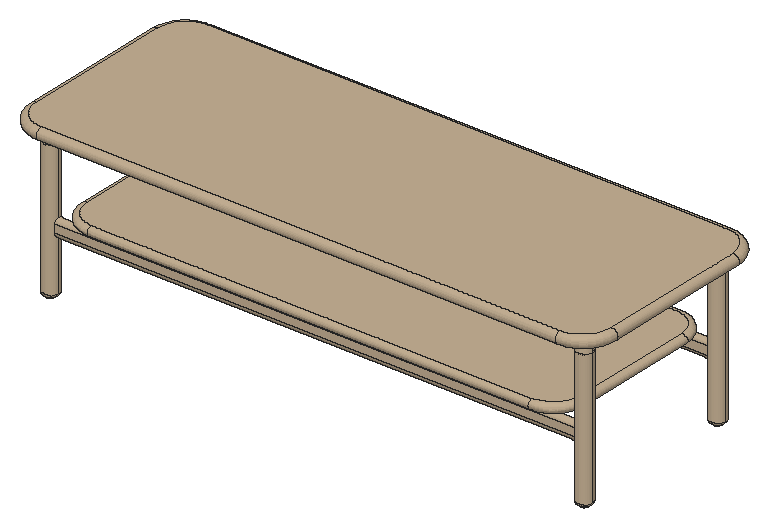
Revit family "FU_Sandler_Wudi 9-4", category Furniture, Revit 2023
Family settings
  OmniClass Number = 23.40.20.00
  OmniClass Title = General Furniture and Specialties
  Work Plane-Based = No
  Enable Cutting in Views = No
  Always vertical = Yes
  Cut with Voids When Loaded = No
  Render Appearance Source = Family Geometry
  Shared = No
  Room Calculation Point = No
Parameters (values of type "Wudi 9.4")
  Width = 1200 mm
  URL = "https://www.sandlerseating.com/product/wudi-9-4/"
  Table Top = Wood - Oak - Sandler - Walnut - TableTops
  Table Leg Finish = Wood - Oak - Sandler - Walnut - Legs
  Shelf Visibility = yes
  Model = "Wudi 9.4"
  Manufacturer = "Sandler"
  Height = 335 mm  # constant formula
  Description = "Coffee table made of solid oak. 60 x 45cm"
  Depth = 450 mm  # constant formula
  Default Elevation = 0 mm
  Assembly Code = "E2020200"
Types (5, lengths in mm): name | Width | URL | Shelf Visibility | Model
  (no name) | 1200 | "https://www.sandlerseating.com/product/wudi-9-4/" | yes | "Wudi 9.4"
  Wudi 9.1 | 600 | "https://www.sandlerseating.com/product/wudi-9-1/" | no | "Wudi 9.1"
  Wudi 9.2 | 600 | "https://www.sandlerseating.com/product/wudi-9-2/" | yes | "Wudi 9.2"
  Wudi 9.3 | 1200 | "https://www.sandlerseating.com/product/wudi-9-3/" | no | "Wudi 9.3"
  Wudi 9.4 | 1200 | "https://www.sandlerseating.com/product/wudi-9-4/" | yes | "Wudi 9.4"
Reference planes
  plane 1 "Center (Front/Back)": y = 0
  plane 2: z = 0
  plane 3 "Center (Left/Right)": x = 0
  plane 4: y = 225
  plane 5: y = -225
  plane 6: x = -600
  plane 7: x = 587
  plane 8 "Table top": z = 335
  plane 9: z = 312
  plane 10: y = 155
  plane 11: x = -530
  plane 12: y = -155
  plane 13: x = 530
  plane 14: y = 212
  plane 15: y = -212
  plane 16: x = -587
  plane 17: x = -545
  plane 18: x = 545
  plane 19 "Front Legs": y = -170
  plane 20 "Back Legs - Center": y = 170
  plane 21: z = 7
  plane 22: x = 600
  plane 23 "Magazine Center line": z = 134.5
  plane 24: y = -179
  plane 25: y = -161
  plane 26: y = 179
  plane 27: y = 161
  plane 28: x = -455
  plane 29: x = 455
  plane 30: x = -515
  plane 31: x = -503
  plane 32: x = 503
  plane 33: x = -215
  plane 34: x = 515
  plane 35: y = -195
  plane 36: y = -183
  plane 37: y = 195
  plane 38: y = 183
  plane 39 "shelf Bottom": z = 152
  plane 40 "Center L/S": z = 170
Forms (mm)
  Extrusion 1, solid, material "Wood - Oak - Sandler - Walnut - TableTops" <- "Table Top"
    sketch origin (0, 0, 335) x (-1, 0, 0) y (0, -1, 0)
      loop
        line (587, -155) -> (587, 155)
        arc (587, 155) -> (570.305, 195.305) -> (530, 212) r 57
        line (530, 212) -> (-530, 212)
        arc (-530, 212) -> (-570.305, 195.305) -> (-587, 155) r 57
        line (-587, 155) -> (-587, -155)
        arc (-587, -155) -> (-570.305, -195.305) -> (-530, -212) r 57
        line (-530, -212) -> (530, -212)
        arc (530, -212) -> (570.305, -195.305) -> (587, -155) r 57
    from -23 to 0
  Sweep 2, solid, material "Wood - Oak - Sandler - Walnut - TableTops" <- "Table Top"
    path in 3D
      loop
        arc (530, -212, 335) -> (570.305, -195.305, 335) -> (587, -155, 335) r 57
        line (587, -155, 335) -> (587, 155, 335)
        arc (587, 155, 335) -> (570.305, 195.305, 335) -> (530, 212, 335) r 57
        line (530, 212, 335) -> (-530, 212, 335)
        arc (-530, 212, 335) -> (-570.305, 195.305, 335) -> (-587, 155, 335) r 57
        line (-587, 155, 335) -> (-587, -155, 335)
        arc (-587, -155, 335) -> (-570.305, -195.305, 335) -> (-530, -212, 335) r 57
        line (-530, -212, 335) -> (530, -212, 335)
    profile "Profile_Ellispe_Top : 23x13 Top" origin (-587, 0, 335) x (1, 0, 0) y (0, 0, 1)
      loop
        spline (0, 0) -> (-3.365, -0.392) -> (-6.5, -1.541) -> (-9.192, -3.368) -> (-11.258, -5.75) -> (-12.557, -8.524) -> (-13, -11.5) -> (-12.557, -14.476) -> (-11.258, -17.25) -> (-9.192, -19.632) -> (-6.5, -21.459) -> (-3.365, -22.608) -> (0, -23)
        line (0, -23) -> (0, 0)
  Revolve 3, solid, material "Wood - Oak - Sandler - Walnut - Legs" <- "Table Leg Finish"
    sketch origin (0, -170, 0) x (0, 0, -1) y (-1, 0, 0)
      loop
        line (-312, 545) -> (-312, 534.772)
        arc (-312, 534.772) -> (-299.829, 530.462) -> (-287, 529) r 57.029
        line (-287, 529) -> (-12, 529)
        arc (-12, 529) -> (-8.464, 530.464) -> (-7, 534) r 5
        line (-7, 534) -> (-7, 545) -> (-312, 545)
      axis (-7, 545) -> (-312, 545)
    angle from 0 to 360
  Revolve 4, solid, material "Rubber, Black"
    sketch origin (0, -170, 0) x (0, 0, -1) y (-1, 0, 0)
      loop
        line (0, 545) -> (-7, 545) -> (-7, 536.5) -> (-3.584, 536.5)
        arc (-3.584, 536.5) -> (-2.873, 536.794) -> (-2.579, 537.505) r 1.005
        arc (-2.579, 537.505) -> (-0.694, 541.048) -> (0, 545) r 12.775
      axis (0, 545) -> (-7, 545)
    angle from 0 to 360
  Revolve 5, solid, material "Wood - Oak - Sandler - Walnut - Legs" <- "Table Leg Finish"
    sketch origin (0, -170, 0) x (0, 0, -1) y (-1, 0, 0)
      loop
        line (-312, -545) -> (-7, -545) -> (-7, -534)
        arc (-7, -534) -> (-8.464, -530.464) -> (-12, -529) r 5
        line (-12, -529) -> (-287, -529)
        arc (-287, -529) -> (-299.829, -530.462) -> (-312, -534.772) r 57.029
        line (-312, -534.772) -> (-312, -545)
      axis (-7, -545) -> (-312, -545)
    angle from 0 to 360
  Revolve 6, solid, material "Rubber, Black"
    sketch origin (0, -170, 0) x (0, 0, -1) y (-1, 0, 0)
      loop
        arc (0, -545) -> (-0.694, -541.048) -> (-2.579, -537.505) r 12.775
        arc (-2.579, -537.505) -> (-2.873, -536.794) -> (-3.584, -536.5) r 1.005
        line (-3.584, -536.5) -> (-7, -536.5) -> (-7, -545) -> (0, -545)
      axis (0, -545) -> (-7, -545)
    angle from 0 to 360
  Revolve 7, solid, material "Wood - Oak - Sandler - Walnut - Legs" <- "Table Leg Finish"
    sketch origin (0, 170, 0) x (0, 0, -1) y (-1, 0, 0)
      loop
        line (-312, 545) -> (-312, 534.772)
        arc (-312, 534.772) -> (-299.829, 530.462) -> (-287, 529) r 57.029
        line (-287, 529) -> (-12, 529)
        arc (-12, 529) -> (-8.464, 530.464) -> (-7, 534) r 5
        line (-7, 534) -> (-7, 545) -> (-312, 545)
      axis (-7, 545) -> (-312, 545)
    angle from 0 to 360
  Revolve 8, solid, material "Rubber, Black"
    sketch origin (0, 170, 0) x (0, 0, -1) y (-1, 0, 0)
      loop
        line (0, 545) -> (-7, 545) -> (-7, 536.5) -> (-3.584, 536.5)
        arc (-3.584, 536.5) -> (-2.873, 536.794) -> (-2.579, 537.505) r 1.005
        arc (-2.579, 537.505) -> (-0.694, 541.048) -> (0, 545) r 12.775
      axis (0, 545) -> (-7, 545)
    angle from 0 to 360
  Revolve 9, solid, material "Wood - Oak - Sandler - Walnut - Legs" <- "Table Leg Finish"
    sketch origin (0, 170, 0) x (0, 0, -1) y (-1, 0, 0)
      loop
        line (-312, -545) -> (-7, -545) -> (-7, -534)
        arc (-7, -534) -> (-8.464, -530.464) -> (-12, -529) r 5
        line (-12, -529) -> (-287, -529)
        arc (-287, -529) -> (-299.829, -530.462) -> (-312, -534.772) r 57.029
        line (-312, -534.772) -> (-312, -545)
      axis (-7, -545) -> (-312, -545)
    angle from 0 to 360
  Revolve 10, solid, material "Rubber, Black"
    sketch origin (0, 170, 0) x (0, 0, -1) y (-1, 0, 0)
      loop
        arc (0, -545) -> (-0.694, -541.048) -> (-2.579, -537.505) r 12.775
        arc (-2.579, -537.505) -> (-2.873, -536.794) -> (-3.584, -536.5) r 1.005
        line (-3.584, -536.5) -> (-7, -536.5) -> (-7, -545) -> (0, -545)
      axis (0, -545) -> (-7, -545)
    angle from 0 to 360
  Sweep 11, solid, material "Wood - Oak - Sandler - Walnut - Legs" <- "Table Leg Finish"
    path in 3D
      loop
        line (-545, -170, 134.5) -> (545, -170, 134.5)
    profile origin (0, -170, 134.5) x (0, 0, -1) y (0, 1, 0)
      loop
        line (-8.5, -9) -> (8.5, -9)
        arc (8.5, -9) -> (17.5, 0) -> (8.5, 9) r 9
        line (8.5, 9) -> (-8.5, 9)
        arc (-8.5, 9) -> (-17.5, 0) -> (-8.5, -9) r 9
      loop
        arc (8.5, 331) -> (17.5, 340) -> (8.5, 349) r 9
        line (8.5, 349) -> (-8.5, 349)
        arc (-8.5, 349) -> (-17.5, 340) -> (-8.5, 331) r 9
        line (-8.5, 331) -> (8.5, 331)
  Sweep 12, solid, material "Wood - Oak - Sandler - Walnut - Legs" <- "Table Leg Finish"
    path in 3D
      loop
        line (0, 170, 134.5) -> (0, -170, 134.5)
    profile origin (0, 0, 134.5) x (0, 0, -1) y (1, 0, 0)
      loop
        line (-2.5, -462.5) -> (2.5, -462.5)
        arc (2.5, -462.5) -> (10, -455) -> (2.5, -447.5) r 7.5
        line (2.5, -447.5) -> (-2.5, -447.5)
        arc (-2.5, -447.5) -> (-10, -455) -> (-2.5, -462.5) r 7.5
      loop
        line (-2.5, 447.5) -> (2.5, 447.5)
        arc (2.5, 447.5) -> (10, 455) -> (2.5, 462.5) r 7.5
        line (2.5, 462.5) -> (-2.5, 462.5)
        arc (-2.5, 462.5) -> (-10, 455) -> (-2.5, 447.5) r 7.5
  Extrusion 13, solid, material "Wood - Oak - Sandler - Walnut - TableTops" <- "Table Top", visible <- "Shelf Visibility"
    sketch origin (0, 0, 152) x (1, 0, 0) y (0, 1, 0)
      loop
        line (-503, 130) -> (-503, -130)
        arc (-503, -130) -> (-487.477, -167.477) -> (-450, -183) r 53
        line (-450, -183) -> (450, -183)
        arc (450, -183) -> (487.477, -167.477) -> (503, -130) r 53
        line (503, -130) -> (503, 130)
        arc (503, 130) -> (487.477, 167.477) -> (450, 183) r 53
        line (450, 183) -> (-450, 183)
        arc (-450, 183) -> (-487.477, 167.477) -> (-503, 130) r 53
    from 0 to 18
  Sweep 14, solid, material "Wood - Oak - Sandler - Walnut - TableTops" <- "Table Top", visible <- "Shelf Visibility"
    path in 3D
      loop
        arc (450, -183, 170) -> (487.477, -167.477, 170) -> (503, -130, 170) r 53
        line (503, -130, 170) -> (503, 130, 170)
        arc (503, 130, 170) -> (487.477, 167.477, 170) -> (450, 183, 170) r 53
        line (450, 183, 170) -> (-450, 183, 170)
        arc (-450, 183, 170) -> (-487.477, 167.477, 170) -> (-503, 130, 170) r 53
        line (-503, 130, 170) -> (-503, -130, 170)
        arc (-503, -130, 170) -> (-487.477, -167.477, 170) -> (-450, -183, 170) r 53
        line (-450, -183, 170) -> (450, -183, 170)
    profile "Profile_Ellispe_Top : 18x12 Shelf" origin (0, -183, 170) x (0, 1, 0) y (0, 0, 1)
      loop
        spline (0, 0) -> (-3.106, -0.307) -> (-6, -1.206) -> (-8.485, -2.636) -> (-10.392, -4.5) -> (-11.591, -6.671) -> (-12, -9) -> (-11.591, -11.329) -> (-10.392, -13.5) -> (-8.485, -15.364) -> (-6, -16.794) -> (-3.106, -17.693) -> (0, -18)
        line (0, -18) -> (0, 0)
Cuts and joins
  joined: Extrusion 1, Sweep 2
  joined: Revolve 3, Revolve 5, Revolve 7, Revolve 9, Sweep 11, Sweep 12
  joined: Extrusion 13, Sweep 14
Lines and regions (mm)
  sketch lines
    curve 1: line (-530, -212, 335) -> (530, -212, 335)
    curve 2: arc (587, -155, 335) -> (570.305, -195.305, 335) -> (530, -212, 335) r 57
    curve 3: line (587, -155, 335) -> (587, 155, 335)
    curve 4: arc (530, 212, 335) -> (570.305, 195.305, 335) -> (587, 155, 335) r 57
    curve 5: line (530, 212, 335) -> (-530, 212, 335)
    curve 6: arc (-587, 155, 335) -> (-570.305, 195.305, 335) -> (-530, 212, 335) r 57
    curve 7: line (-587, 155, 335) -> (-587, -155, 335)
    curve 8: arc (-530, -212, 335) -> (-570.305, -195.305, 335) -> (-587, -155, 335) r 57
    curve 11: line (-545, -170, 134.5) -> (545, -170, 134.5)
    curve 13: line (0, 170, 134.5) -> (0, -170, 134.5)
    curve 14: line (-450, -183, 170) -> (450, -183, 170)
    curve 15: arc (-450, -183, 170) -> (-487.477, -167.477, 170) -> (-503, -130, 170) r 53
    curve 16: line (-503, 130, 170) -> (-503, -130, 170)
    curve 17: arc (-503, 130, 170) -> (-487.477, 167.477, 170) -> (-450, 183, 170) r 53
    curve 18: line (450, 183, 170) -> (-450, 183, 170)
    curve 19: arc (450, 183, 170) -> (487.477, 167.477, 170) -> (503, 130, 170) r 53
    curve 20: line (503, -130, 170) -> (503, 130, 170)
    curve 21: arc (503, -130, 170) -> (487.477, -167.477, 170) -> (450, -183, 170) r 53
  reference lines
    curve 9: line (-545, -170, 134.5) -> (545, -170, 134.5)
    curve 10: line (545, 170, 134.5) -> (-545, 170, 134.5)
    curve 12: line (0, 170, 134.5) -> (0, -170, 134.5)
Dimensions and locks
  equal spacing: plane 6, plane 3 "Center (Left/Right)", plane 22
  equal spacing: plane 4, plane 1 "Center (Front/Back)", plane 5
  "Width": plane 6 to plane 22
  "Depth": plane 4 to plane 5
  "Height": plane 8 "Table top" to level
  locked: plane 8 "Table top" to plane 9 at 23
  locked: plane 6 to plane 11 at 70
  locked: plane 4 to plane 10 at 70
  locked: plane 5 to plane 12 at 70
  locked: plane 4 to plane 14 at 13
  locked: plane 5 to plane 15 at 13
  locked: plane 6 to plane 16 at 13
  locked: plane 6 to plane 17 at 55
  locked: plane 4 to plane 20 "Back Legs - Center" at 55
  locked: plane 18 to plane 22 at 55
  locked: plane 13 to plane 22 at 70
  locked: plane 7 to plane 22 at 13
  locked: plane 23 "Magazine Center line" to level at 134.5
  plane 27 to plane 20 "Back Legs - Center" to plane 26 = 9 mm locked, 9 mm locked
  plane 24 to plane 19 "Front Legs" to plane 25 = 9 mm locked, 9 mm locked
  locked: plane 28 to plane 17 at 90
  locked: plane 29 to plane 18 at 90
  equal spacing: Sweep 12 sketch curve, plane 28, Sweep 12 sketch curve, locked at 7.5 each
  equal spacing: Sweep 12 sketch curve, plane 29, Sweep 12 sketch curve, locked at 7.5 each
  plane 17 to plane 30 to plane 31 = 30 mm locked, 12 mm locked
  plane 32 to plane 34 to plane 18 = 12 mm locked, 30 mm locked
  plane 19 "Front Legs" to plane 36 to plane 35 = 13 mm locked, 12 mm locked
  plane 20 "Back Legs - Center" to plane 38 to plane 37 = 13 mm locked, 12 mm locked
  locked: plane 31 to Extrusion 13 sketch curve at 53  (x2)
  locked: Extrusion 13 sketch curve to plane 32 at 53  (x2)
  locked: plane 38 to Extrusion 13 sketch curve at 53  (x2)
  locked: plane 36 to Extrusion 13 sketch curve at 53  (x2)
  locked: plane 40 "Center L/S" to plane 39 "shelf Bottom" at 18
  locked: plane 39 "shelf Bottom" to plane 23 "Magazine Center line" at 17.5
  aligned and locked: level to plane 2
  aligned and locked: Extrusion 1 to plane 9
  aligned and locked: Extrusion 1 to plane 8 "Table top"
  aligned and locked: Revolve 3 sketch curve to plane 17  (x2)
  aligned and locked: Revolve 4 sketch curve to plane 17
  aligned and locked: plane 21 to Revolve 3 sketch curve
  aligned and locked: plane 9 to Revolve 3 sketch curve
  aligned and locked: plane 21 to Revolve 4 sketch curve
  aligned and locked: Extrusion 1 sketch curve to plane 16
  aligned and locked: Extrusion 1 sketch curve to plane 7
  aligned and locked: plane 10 to Extrusion 1 sketch curve
  aligned and locked: plane 11 to Extrusion 1 sketch curve  (x2)
  aligned and locked: Extrusion 1 sketch curve to plane 12
  aligned and locked: plane 12 to Extrusion 1 sketch curve
  aligned and locked: plane 13 to Extrusion 1 sketch curve  (x2)
  aligned and locked: Extrusion 1 sketch curve to plane 10
  aligned and locked: Revolve 5 sketch curve to plane 18
  aligned and locked: plane 18 to Revolve 5 sketch curve
  aligned and locked: Revolve 6 sketch curve to plane 18  (x2)
  aligned and locked: Revolve 9 sketch curve to plane 18  (x2)
  aligned and locked: Revolve 7 sketch curve to plane 17
  aligned and locked: plane 17 to Revolve 7 sketch curve
  aligned and locked: Revolve 8 sketch curve to plane 17  (x2)
  aligned and locked: Revolve 10 sketch curve to plane 18
  aligned and locked: plane 18 to Revolve 10 sketch curve
  aligned and locked: curve 9 to plane 23 "Magazine Center line"
  aligned and locked: plane 17 to curve 9
  aligned and locked: plane 18 to curve 9
  aligned and locked: curve 10 to plane 23 "Magazine Center line"
  aligned and locked: plane 18 to curve 10
  aligned and locked: plane 17 to curve 10
  aligned and locked: Sweep 11 sketch curve to plane 25
  aligned and locked: Sweep 11 sketch curve to plane 27
  aligned and locked: Sweep 11 sketch curve to plane 26
  aligned and locked: curve 12 to plane 23 "Magazine Center line"
  aligned and locked: plane 20 "Back Legs - Center" to curve 10  (x2)
  aligned and locked: plane 19 "Front Legs" to curve 9
  aligned and locked: Extrusion 13 sketch curve to plane 36
  aligned and locked: Extrusion 13 to plane 40 "Center L/S"
  aligned and locked: plane 39 "shelf Bottom" to Extrusion 13
Automatic sketch dimensions
  plane 11 to Revolve 3 sketch curve = 1 mm
  Revolve 3 sketch curve to plane 9 = 25 mm
  Revolve 3 sketch curve to plane 11 = 4 mm
  Revolve 3 sketch curve to Revolve 3 sketch curve = 10.228 mm
  plane 8 "Table top" to Revolve 3 sketch curve = 116.452 mm
  Revolve 3 sketch curve to level = 64.576 mm
  Revolve 4 sketch curve to plane 17 = 0 mm
  Revolve 4 sketch curve to level = 0 mm
  Revolve 4 sketch curve to plane 17 = 0.204 mm
  Revolve 4 sketch curve to plane 21 = 5.773 mm
  plane 21 to Revolve 4 sketch curve = 3.416 mm
  Revolve 4 sketch curve to plane 11 = 7.505 mm
  plane 8 "Table top" to Revolve 4 sketch curve = 116.452 mm
  Revolve 4 sketch curve to level = 64.576 mm
  Revolve 5 sketch curve to plane 9 = 0 mm
  Revolve 5 sketch curve to plane 21 = 0 mm
  plane 13 to Revolve 5 sketch curve = 1 mm
  Revolve 5 sketch curve to plane 9 = 25 mm
  Revolve 5 sketch curve to plane 13 = 4 mm
  Revolve 5 sketch curve to plane 7 = 0.971 mm
  plane 8 "Table top" to Revolve 5 sketch curve = 116.452 mm
  Revolve 5 sketch curve to level = 64.576 mm
  Revolve 6 sketch curve to plane 21 = 0 mm
  Revolve 6 sketch curve to level = 0 mm
  Revolve 6 sketch curve to plane 18 = 0.204 mm
  Revolve 6 sketch curve to plane 21 = 5.773 mm
  plane 21 to Revolve 6 sketch curve = 3.416 mm
  Revolve 6 sketch curve to plane 13 = 7.505 mm
  plane 8 "Table top" to Revolve 6 sketch curve = 116.452 mm
  Revolve 6 sketch curve to Revolve 6 sketch curve = 64.576 mm
  Revolve 7 sketch curve to plane 9 = 0 mm
  Revolve 7 sketch curve to plane 21 = 0 mm
  Revolve 7 sketch curve to plane 11 = 1 mm
  plane 9 to Revolve 7 sketch curve = 25 mm
  plane 11 to Revolve 7 sketch curve = 4 mm
  Revolve 7 sketch curve to Revolve 7 sketch curve = 10.228 mm
  Revolve 7 sketch curve to plane 8 "Table top" = 116.452 mm
  level to Revolve 7 sketch curve = 64.576 mm
  Revolve 8 sketch curve to plane 21 = 0 mm
  Revolve 8 sketch curve to level = 0 mm
  plane 17 to Revolve 8 sketch curve = 0.204 mm
  plane 21 to Revolve 8 sketch curve = 5.773 mm
  Revolve 8 sketch curve to plane 21 = 3.416 mm
  plane 11 to Revolve 8 sketch curve = 7.505 mm
  Revolve 8 sketch curve to plane 8 "Table top" = 116.452 mm
  level to Revolve 8 sketch curve = 64.576 mm
  Revolve 9 sketch curve to plane 9 = 0 mm
  Revolve 9 sketch curve to plane 21 = 0 mm
  Revolve 9 sketch curve to plane 13 = 1 mm
  plane 9 to Revolve 9 sketch curve = 25 mm
  plane 13 to Revolve 9 sketch curve = 4 mm
  plane 7 to Revolve 9 sketch curve = 0.971 mm
  Revolve 9 sketch curve to plane 8 "Table top" = 116.452 mm
  level to Revolve 9 sketch curve = 64.576 mm
  Revolve 10 sketch curve to plane 21 = 0 mm
  Revolve 10 sketch curve to level = 0 mm
  plane 18 to Revolve 10 sketch curve = 0.204 mm
  plane 21 to Revolve 10 sketch curve = 5.773 mm
  Revolve 10 sketch curve to plane 21 = 3.416 mm
  plane 13 to Revolve 10 sketch curve = 7.505 mm
  Revolve 10 sketch curve to plane 8 "Table top" = 116.452 mm
  Revolve 10 sketch curve to Revolve 10 sketch curve = 64.576 mm
  profile plane to Sweep 11 sketch curve = 8.5 mm  (x2)
  Sweep 11 sketch curve to profile plane = 8.5 mm  (x2)
  Sweep 11 sketch curve to profile plane = 0 mm
  curve 12 to plane 19 "Front Legs" = 0 mm
  curve 12 to plane 20 "Back Legs - Center" = 0 mm
  profile plane to Sweep 12 sketch curve = 2.5 mm  (x2)
  Sweep 12 sketch curve to profile plane = 2.5 mm  (x2)
  Sweep 12 sketch curve to Sweep 12 sketch curve = 7.5 mm  (x2)
